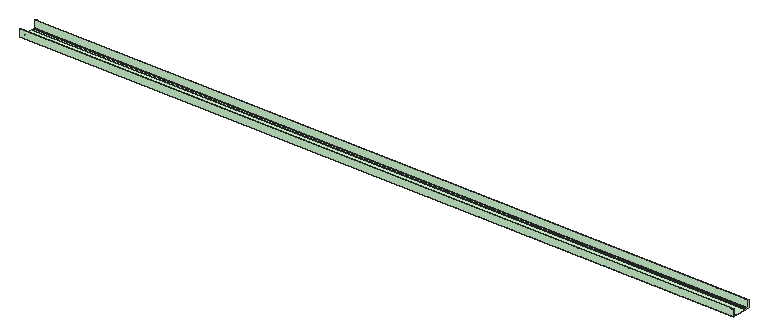
Revit family "runner_wr100", category 機械設備, Revit 2022
Family settings
  丸型コネクタ寸法 = 直径を使用
  種別 = なし
  パーツ タイプ = 標準
  作業面ベース = いいえ
  常に垂直 = はい
  ロード時にボイドで切り取り = いいえ
  注釈の向きを維持 = いいえ
  共有 = いいえ
  部屋計算ポイント = いいえ
Parameters
  製造元 = "株式会社桐井製作所"
  既定の高さ = 0 mm
  URL = "https://www.kirii.co.jp/"
  K_長さ(mm) [instance] = 4000 mm
  K_材質 = "SGCCまたはSGHC　一般用"
  K_断面積A(mm2) = 143.5
  K_断面係数Zy(mm3) = 4496
  K_断面係数Zx(mm3) = 718
  K_断面2次半径iy(mm) = 40
  K_断面2次半径ix(mm) = 12.4
  K_断面2次モーメントIy(mm4) = 229300
  K_断面2次モーメントIx(mm4) = 22160
  K_外形寸法(mm) = "102×40×0.8"
  K_品名 = "WR-100"
  K_名称 = "ランナー"
  K_単位質量(kg/m) = 1.159
  K_ヤング係数E(N/mm2) = 205000
  K_バージョン情報 = "20210524"
  K_めっき付着量 = "Z12"
  K_JIS規格 = "JIS G 3302"
  K_JIS外 [instance] = not(K_JIS)  # no
  K_JIS [instance] = yes
Reference planes
  plane 1 "中心(正面/背面)": y = 0
  plane 2: z = 0
  plane 3 "中心(左/右)": x = 0
  plane 4: x = 4000
  plane 5: y = -51
  plane 6: y = 51
  plane 7: z = 40
Forms (mm)
  Extrusion 1, solid
    sketch origin (0, 0, 0) x (0, 1, 0) y (0, 0, 1)
      loop
        line (30.991, 0) -> (31.81, 0.819) -> (40.21, 0.819) -> (41.029, 0) -> (51, 0) -> (51, 40) -> (50.2, 40) -> (50.2, 0.8) -> (41.36, 0.8) -> (40.541, 1.619) -> (31.479, 1.619) -> (30.659, 0.8) -> (-30.679, 0.8) -> (-31.479, 1.6) -> (-40.541, 1.6) -> (-41.341, 0.8) -> (-50.2, 0.8) -> (-50.2, 40) -> (-51, 40) -> (-51, 0) -> (-41.01, 0) -> (-40.21, 0.8) -> (-31.81, 0.8) -> (-31.01, 0) -> (30.991, 0)
    from 0 to 4000
Dimensions and locks
  "K_長さ(mm)": plane 3 "中心(左/右)" to plane 4
  aligned and locked: level to plane 2
  aligned and locked: plane 4 to Extrusion 1
Automatic sketch dimensions
  Extrusion 1 sketch curve to level = 0 mm  (x3)
  Extrusion 1 sketch curve to Extrusion 1 sketch curve = 0.8 mm  (x5)
  level to Extrusion 1 sketch curve = 0.8 mm  (x4)
  Extrusion 1 sketch curve to Extrusion 1 sketch curve = 8.859 mm
  Extrusion 1 sketch curve to Extrusion 1 sketch curve = 0.331 mm  (x8)
  Extrusion 1 sketch curve to Extrusion 1 sketch curve = 8.4 mm  (x2)
  level to Extrusion 1 sketch curve = 1.6 mm
  Extrusion 1 sketch curve to plane 1 "中心(正面/背面)" = 30.659 mm
  Extrusion 1 sketch curve to Extrusion 1 sketch curve = 0.819 mm  (x2)
  level to Extrusion 1 sketch curve = 0.819 mm
  Extrusion 1 sketch curve to Extrusion 1 sketch curve = 39.2 mm  (x2)
  Extrusion 1 sketch curve to plane 5 = 0 mm
  plane 6 to Extrusion 1 sketch curve = 0.8 mm
